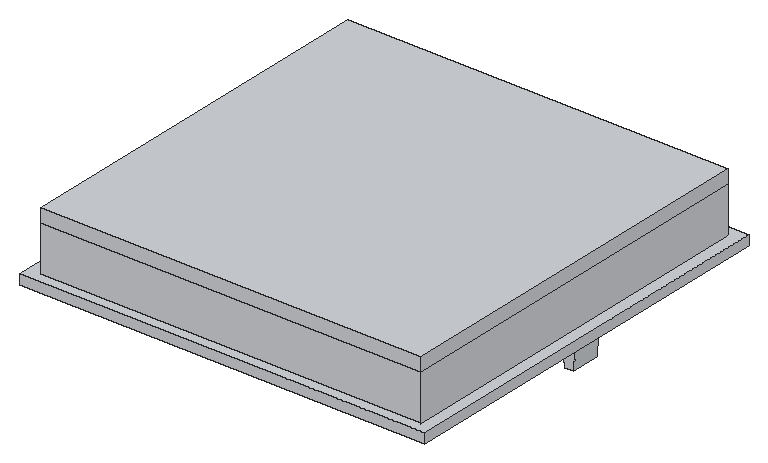
Revit family "Gira_028767", category Electrical Fixtures, host Face, Revit 2017
Family settings
  Host = Face
  Maintain Annotation Orientation = No
  Round Connector Dimension = Use Diameter
  Part Type = Normal
  Cut with Voids When Loaded = No
  Shared = No
  Room Calculation Point = No
Parameters (values of type "Rocker sym.door Gira TX_44 (WP FM) anthra.")
  With exchangeable lens/symbol = "No"
  URL = "http://katalog.gira.de/en/datenblatt.html?artikelnr=028767"
  Suitable for touch sensor connector for bus system = "No"
  Scannable symbol / barrier free = "No"
  Name = "Rocker sym.door Gira TX_44 (WP FM) anthra."
  Monitoring window/light outlet = "Yes"
  Model = "Single rocker"
  Manufacturer URL = "https://www.gira.de/"
  Manufacturer = "Gira"
  Keynote = ""
  HeinzeBIM = "https://bimportal.heinze.de/bim/rocker-sym-door-gira-tx-44-wp-fm-anthra-/1fd2fecfc0fef29a418a27025a78265d4308ff31"
  HAN = "028767"
  GTIN = "4010337287674"
  Description = "Rock.sym.door TX_44 AN,Rocker with symbol,Door,anthracite,Notes :,- Theft-prevention implemented via optional screw-in clamp piece. This makes plugging of cover frame unnecessary."
  Default Elevation = 1219.2 mm
  Data sheet (1) = "https://katalog.gira.de/en/download.html?artikelnr=028767"
  Category = "Control element/cover plate for domestic switching devices"
  BIM (1) = "https://media.stage.bim.site/public/gira/36a6b08/TX44_Abdeckung_Schalten und Tasten.rfa?public/gira/36a6b08/TX44_Abdeckung_Schalten und Tasten.rfa"
  Available = "No"
Reference planes
  plane 1 "Center (Front/Back)": y = 0
  plane 2: z = 0
  plane 3 "Center (Left/Right)": x = 0
Forms (mm)
  Extrusion 1, solid, detail levels fine
    sketch origin (0, 0, 0) x (1, 0, 0) y (0, 1, 0)
      loop
        line (34.85, 34.85) -> (-34.85, 34.85) -> (-34.85, -34.85) -> (34.85, -34.85) -> (34.85, 34.85)
      loop
        line (-31.45, 31.8) -> (-31.45, -31.8) -> (31.45, -31.8) -> (31.45, 31.8) -> (-31.45, 31.8)
    from 0 to 1.7
  Extrusion 2, solid, detail levels fine
    sketch origin (0, 0, 0) x (1, 0, 0) y (0, 1, 0)
      loop
        line (32.8, 33.05) -> (-32.8, 33.05) -> (-32.8, -33.05) -> (32.8, -33.05) -> (32.8, 33.05)
      loop
        line (-31.45, 31.8) -> (-31.45, -31.8) -> (31.45, -31.8) -> (31.45, 31.8) -> (-31.45, 31.8)
    from 1.566 to 9.515
  Extrusion 3, solid, detail levels fine
    sketch origin (0, 0, 0) x (1, 0, 0) y (0, 1, 0)
      loop
        line (32.8, 33.05) -> (-32.8, 33.05) -> (-32.8, -33.05) -> (32.8, -33.05) -> (32.8, 33.05)
    from 9.515 to 11.816
  Extrusion 4, solid, detail levels fine
    sketch origin (0, 0, 0) x (1, 0, 0) y (0, 0, 1)
      loop
        line (-32.815, 0) -> (-34.827, 0) -> (-34.611, -3.084) -> (-33.031, -3.084) -> (-32.815, 0)
      loop
        line (32.815, 0) -> (33.031, -3.084) -> (34.611, -3.084) -> (34.827, 0) -> (32.815, 0)
    from -2.513 to 2.5
  Extrusion 5, solid, detail levels fine
    sketch origin (0, 0, 0) x (1, 0, 0) y (0, 1, 0)
      loop
        spline (-23.686, 23.152) -> (-23.856, 23.114) -> (-24.022, 23.062) -> (-24.184, 22.995) -> (-24.338, 22.915) -> (-24.486, 22.821) -> (-24.624, 22.715) -> (-24.753, 22.597) -> (-24.87, 22.468) -> (-24.977, 22.33) -> (-25.07, 22.183) -> (-25.151, 22.028) -> (-25.218, 21.867)
        line (-25.218, 21.867) -> (-29.35, 10.513) -> (-29.35, -10.487) -> (-25.218, -21.841)
        spline (-25.218, -21.841) -> (-25.151, -22.002) -> (-25.07, -22.156) -> (-24.977, -22.304) -> (-24.87, -22.442) -> (-24.753, -22.571) -> (-24.624, -22.688) -> (-24.486, -22.795) -> (-24.338, -22.888) -> (-24.184, -22.969) -> (-24.022, -23.036) -> (-23.856, -23.088) -> (-23.686, -23.126)
        line (-23.686, -23.126) -> (0, -27.302) -> (23.686, -23.126)
        spline (23.686, -23.126) -> (23.856, -23.088) -> (24.022, -23.036) -> (24.184, -22.969) -> (24.338, -22.888) -> (24.486, -22.795) -> (24.624, -22.688) -> (24.753, -22.571) -> (24.87, -22.442) -> (24.977, -22.304) -> (25.07, -22.156) -> (25.151, -22.002) -> (25.218, -21.841)
        line (25.218, -21.841) -> (29.35, -10.487) -> (29.35, 10.513) -> (25.218, 21.867)
        spline (25.218, 21.867) -> (25.151, 22.028) -> (25.07, 22.183) -> (24.977, 22.33) -> (24.87, 22.468) -> (24.753, 22.597) -> (24.624, 22.715) -> (24.486, 22.821) -> (24.338, 22.915) -> (24.184, 22.995) -> (24.022, 23.062) -> (23.856, 23.114) -> (23.686, 23.152)
        line (23.686, 23.152) -> (0, 27.328) -> (-23.686, 23.152)
      loop
        line (-24.278, 21.525) -> (-28.35, 10.337) -> (-28.35, -10.311) -> (-24.278, -21.498)
        spline (-24.278, -21.498) -> (-24.245, -21.579) -> (-24.204, -21.656) -> (-24.157, -21.73) -> (-24.104, -21.799) -> (-24.045, -21.863) -> (-23.981, -21.922) -> (-23.912, -21.976) -> (-23.838, -22.022) -> (-23.761, -22.063) -> (-23.68, -22.096) -> (-23.597, -22.122) -> (-23.512, -22.141)
        line (-23.512, -22.141) -> (0, -26.287) -> (23.512, -22.141)
        spline (23.512, -22.141) -> (23.597, -22.122) -> (23.68, -22.096) -> (23.761, -22.063) -> (23.838, -22.022) -> (23.912, -21.976) -> (23.981, -21.922) -> (24.045, -21.863) -> (24.104, -21.799) -> (24.157, -21.73) -> (24.204, -21.656) -> (24.245, -21.579) -> (24.278, -21.498)
        line (24.278, -21.498) -> (28.35, -10.311) -> (28.35, 10.337) -> (24.278, 21.525)
        spline (24.278, 21.525) -> (24.245, 21.605) -> (24.204, 21.683) -> (24.157, 21.756) -> (24.104, 21.825) -> (24.045, 21.89) -> (23.981, 21.949) -> (23.912, 22.002) -> (23.838, 22.048) -> (23.761, 22.089) -> (23.68, 22.122) -> (23.597, 22.148) -> (23.512, 22.167)
        line (23.512, 22.167) -> (0, 26.313) -> (-23.512, 22.167)
        spline (-23.512, 22.167) -> (-23.597, 22.148) -> (-23.68, 22.122) -> (-23.761, 22.089) -> (-23.838, 22.048) -> (-23.912, 22.002) -> (-23.981, 21.949) -> (-24.045, 21.89) -> (-24.104, 21.825) -> (-24.157, 21.756) -> (-24.204, 21.683) -> (-24.245, 21.605) -> (-24.278, 21.525)
    from 4.866 to 9.515
  Extrusion 6, solid, detail levels fine
    sketch origin (0, 0, 0) x (1, 0, 0) y (0, 1, 0)
      loop
        arc (0, 8.51) -> (-1.055, 8.223) -> (-1.717, 7.352) r 1.7
        line (-1.717, 7.352) -> (-2.205, 5.894) -> (-2.205, 4.213) -> (-4.36, 4.213)
        arc (-4.36, 4.213) -> (-4.865, 4.091) -> (-5.257, 3.75) r 1.1
        arc (-5.257, 3.75) -> (-6.02, 2.328) -> (-6.406, 0.761) r 6.45
        arc (-6.406, 0.761) -> (-6.7, 0.013) -> (-6.406, -0.735) r 1.1
        arc (-6.406, -0.735) -> (-6.02, -2.302) -> (-5.257, -3.724) r 6.45
        arc (-5.257, -3.724) -> (-4.865, -4.064) -> (-4.36, -4.187) r 1.1
        line (-4.36, -4.187) -> (-2.1, -4.187) -> (-2.1, -5.243)
        arc (-2.1, -5.243) -> (-1.847, -5.944) -> (-1.206, -6.323) r 1.1
        arc (-1.206, -6.323) -> (0, -6.437) -> (1.206, -6.323) r 6.45
        arc (1.206, -6.323) -> (1.847, -5.944) -> (2.1, -5.243) r 1.1
        line (2.1, -5.243) -> (2.1, -4.187) -> (4.36, -4.187)
        arc (4.36, -4.187) -> (4.865, -4.064) -> (5.257, -3.724) r 1.1
        arc (5.257, -3.724) -> (6.02, -2.302) -> (6.406, -0.735) r 6.45
        arc (6.406, -0.735) -> (6.7, 0.013) -> (6.406, 0.761) r 1.1
        arc (6.406, 0.761) -> (6.02, 2.328) -> (5.257, 3.75) r 6.45
        arc (5.257, 3.75) -> (4.865, 4.091) -> (4.36, 4.213) r 1.1
        line (4.36, 4.213) -> (2.205, 4.213) -> (2.205, 5.894) -> (1.717, 7.352)
        arc (1.717, 7.352) -> (1.055, 8.223) -> (0, 8.51) r 1.7
    from -6.834 to 9.515
  Extrusion 7, solid, detail levels coarse
    sketch origin (0, 0, 0) x (1, 0, 0) y (0, 1, 0)
      loop
        line (34.85, 34.85) -> (-34.85, 34.85) -> (-34.85, -34.85) -> (34.85, -34.85) -> (34.85, 34.85)
    from -6.834 to 11.816
  Extrusion 8, solid, detail levels medium
    sketch origin (0, 0, 0) x (1, 0, 0) y (0, 1, 0)
      loop
        line (32.8, 33.05) -> (-32.8, 33.05) -> (-32.8, -33.05) -> (32.8, -33.05) -> (32.8, 33.05)
    from 1.566 to 11.816
  Extrusion 9, solid, detail levels medium
    sketch origin (0, 0, 0) x (1, 0, 0) y (0, 1, 0)
      loop
        line (34.85, 34.85) -> (-34.85, 34.85) -> (-34.85, -34.85) -> (34.85, -34.85) -> (34.85, 34.85)
    from 0 to 1.7
  Extrusion 10, solid, detail levels medium
    sketch origin (0, 0, 0) x (1, 0, 0) y (0, 1, 0)
      loop
        circle (0, 1.036) r 7.473
    from -6.834 to 9.515
  Extrusion 11, solid, detail levels medium
    sketch origin (0, 0, 0) x (1, 0, 0) y (0, 0, 1)
      loop
        line (-32.815, -3.084) -> (-32.815, 0) -> (-34.827, 0) -> (-34.827, -3.084) -> (-32.815, -3.084)
      loop
        line (32.815, -3.084) -> (34.827, -3.084) -> (34.827, 0) -> (32.815, 0) -> (32.815, -3.084)
    from -2.513 to 2.5
Dimensions and locks
  aligned and locked: plane 2 to host face
  aligned and locked: level to host face
